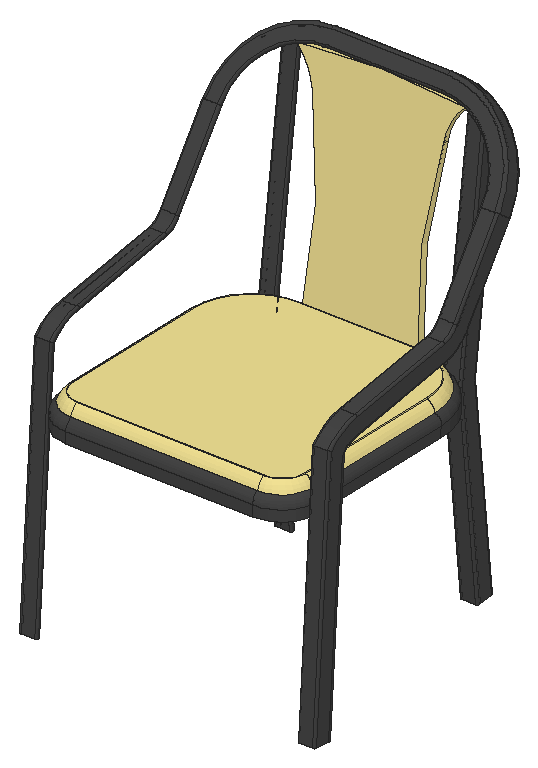
Revit family
Parameters (values of type "565 x 565 mm")
  Chair Material = Plastic
  Cushion Material = Upholstry
Reference planes
  plane 1 "Center (Front/Back)": y = 0
  plane 2: z = 0
  plane 3 "Center (Left/Right)": x = 0
Forms (mm)
  Sweep 1, solid, material "Plastic" <- "Chair Material"
    path origin (0, 0, 0) x (0, 1, 0) y (0, 0, 1)
      loop
        line (-284.232, 0) -> (-245.356, 555.953)
        arc (-245.356, 555.953) -> (-215.999, 576.452) -> (-181.839, 587.183) r 117.777
        line (-181.839, 587.183) -> (55.206, 624.727)
        arc (55.206, 624.727) -> (78.356, 634.04) -> (95.025, 652.609) r 55.102
        line (95.025, 652.609) -> (209.74, 816.439)
    profile origin (0, 18.055, 258.198) x (0, -0.997564, 0.069756) y (1, 0, 0)
      loop
        line (258.193, -321.441) -> (290.709, -321.441)
        arc (290.709, -321.441) -> (294.244, -319.977) -> (295.709, -316.441) r 5
        line (295.709, -316.441) -> (295.709, -286.46)
        arc (295.709, -286.46) -> (291.709, -282.46) -> (287.709, -286.46) r 4
        line (287.709, -286.46) -> (287.709, -310.956)
        arc (287.709, -310.956) -> (286.981, -312.713) -> (285.224, -313.441) r 2.485
        line (285.224, -313.441) -> (258.193, -313.441)
        arc (258.193, -313.441) -> (254.193, -317.441) -> (258.193, -321.441) r 4
  Sweep 2, solid, material "Plastic" <- "Chair Material"
    path origin (0, 0, 0) x (0, 1, 0) y (0, 0, -1)
      loop
        line (-284.232, 0) -> (-245.356, -555.953)
        arc (-245.356, -555.953) -> (-215.999, -576.452) -> (-181.839, -587.183) r 117.777
        line (-181.839, -587.183) -> (55.206, -624.727)
        arc (55.206, -624.727) -> (78.356, -634.04) -> (95.025, -652.609) r 55.102
        line (95.025, -652.609) -> (209.74, -816.439)
    profile origin (0, 18.055, 258.198) x (0, 0.997564, -0.069756) y (1, 0, 0)
      loop
        line (-258.193, 321.441) -> (-290.709, 321.441)
        arc (-290.709, 321.441) -> (-294.244, 319.977) -> (-295.709, 316.441) r 5
        line (-295.709, 316.441) -> (-295.709, 286.46)
        arc (-295.709, 286.46) -> (-291.709, 282.46) -> (-287.709, 286.46) r 4
        line (-287.709, 286.46) -> (-287.709, 310.956)
        arc (-287.709, 310.956) -> (-286.981, 312.713) -> (-285.224, 313.441) r 2.485
        line (-285.224, 313.441) -> (-258.193, 313.441)
        arc (-258.193, 313.441) -> (-254.193, 317.441) -> (-258.193, 321.441) r 4
  Sweep 3, solid, material "Plastic" <- "Chair Material"
    path origin (0, -407.334, 243.31) x (1, 0, 0) y (0, 0.573576, 0.819152)
      loop
        arc (-146.45, 823.419) -> (-140.563, 837.632) -> (-126.35, 843.519) r 20.1
        line (-126.35, 843.519) -> (126.35, 843.519)
        arc (126.35, 843.519) -> (140.563, 837.632) -> (146.45, 823.419) r 20.1
    profile origin (331.37, 190.066, 271.442) x (-0.707107, 0.40558, 0.579228) y (0, -0.819152, 0.573576)
      loop
        line (842.696, 273.33) -> (842.696, 303.99)
        arc (842.696, 303.99) -> (839.565, 307.395) -> (835.113, 308.65) r 8.479
        line (835.113, 308.65) -> (807.628, 308.65)
        arc (807.628, 308.65) -> (803.628, 304.65) -> (807.628, 300.65) r 4
        line (807.628, 300.65) -> (830.11, 300.65)
        arc (830.11, 300.65) -> (833.313, 299.524) -> (834.696, 296.424) r 4.293
        line (834.696, 296.424) -> (834.696, 273.33)
        arc (834.696, 273.33) -> (838.696, 269.33) -> (842.696, 273.33) r 4
  Sweep 4, solid, material "Plastic" <- "Chair Material"
    path origin (-40, 105, 0) x (0, 1, 0) y (0, 0, -1)
      loop
        line (218.01, -935.701) -> (151.519, -440) -> (197.764, 0)
    profile origin (0, 95.757, 713.874) x (0, -0.991123, 0.132946) y (1, 0, 0)
      loop
        arc (-200.765, 221.488) -> (-204.032, 217.438) -> (-200.765, 213.388) r 4.143
        line (-200.765, 213.388) -> (-172.657, 213.388)
        arc (-172.657, 213.388) -> (-170.919, 212.668) -> (-170.199, 210.93) r 2.459
        line (-170.199, 210.93) -> (-170.199, 186.404)
        arc (-170.199, 186.404) -> (-166.211, 182.417) -> (-162.223, 186.404) r 3.988
        line (-162.223, 186.404) -> (-162.223, 216.429)
        arc (-162.223, 216.429) -> (-163.705, 220.006) -> (-167.283, 221.488) r 5.059
        line (-167.283, 221.488) -> (-200.765, 221.488)
  Extrusion 5, solid, material "Upholstry" <- "Cushion Material"
    sketch origin (0, -88.33, 30.929) x (1, 0, 0) y (0, 0.120137, 0.992757)
      loop
        arc (-183.704, 950.307) -> (-155.52, 915.464) -> (-142.394, 872.615) r 117.765
        arc (-142.394, 872.615) -> (-115.39, 671.665) -> (-125.602, 469.167) r 1103.681
        line (-125.602, 469.167) -> (125.602, 469.167)
        arc (125.602, 469.167) -> (115.39, 671.665) -> (142.394, 872.615) r 1103.681
        arc (142.394, 872.615) -> (155.52, 915.464) -> (183.704, 950.307) r 117.765
        arc (183.704, 950.307) -> (0, 961.07) -> (-183.704, 950.307) r 1573.132
    from -273.339 to -260.611
  Sweep 6, solid, material "Plastic" <- "Chair Material"
    path origin (40, 105, 0) x (0, 1, 0) y (0, 0, 1)
      loop
        line (218.01, 935.701) -> (151.519, 440) -> (197.764, 0)
    profile origin (0, 95.757, 713.874) x (0, 0.991123, -0.132946) y (1, 0, 0)
      loop
        arc (200.765, -221.488) -> (204.032, -217.438) -> (200.765, -213.388) r 4.143
        line (200.765, -213.388) -> (172.657, -213.388)
        arc (172.657, -213.388) -> (170.919, -212.668) -> (170.199, -210.93) r 2.459
        line (170.199, -210.93) -> (170.199, -186.404)
        arc (170.199, -186.404) -> (166.211, -182.417) -> (162.223, -186.404) r 3.988
        line (162.223, -186.404) -> (162.223, -216.429)
        arc (162.223, -216.429) -> (163.705, -220.006) -> (167.283, -221.488) r 5.059
        line (167.283, -221.488) -> (200.765, -221.488)
  Sweep 7, solid, material "Plastic" <- "Chair Material"
    path origin (0, 0, 420) x (-1, 0, 0) y (0, -1, 0)
      loop
        line (282.5, -93.553) -> (282.5, 237.5)
        arc (282.5, 237.5) -> (259.069, 294.069) -> (202.5, 317.5) r 80
        line (202.5, 317.5) -> (-202.5, 317.5)
        arc (-202.5, 317.5) -> (-259.069, 294.069) -> (-282.5, 237.5) r 80
        line (-282.5, 237.5) -> (-282.5, -93.553)
        arc (-282.5, -93.553) -> (-237.41, -202.41) -> (-128.553, -247.5) r 153.947
        line (-128.553, -247.5) -> (128.553, -247.5)
        arc (128.553, -247.5) -> (237.41, -202.41) -> (282.5, -93.553) r 153.947
    profile origin (0, -71.974, 0) x (1, 0, 0) y (0, 0, 1)
      loop
        line (-282.5, 420) -> (-276.5, 420) -> (-276.5, 442.541)
        arc (-276.5, 442.541) -> (-274.613, 450.973) -> (-269.355, 457.83) r 20.061
        line (-269.355, 457.83) -> (-269.355, 465.115)
        arc (-269.355, 465.115) -> (-278.993, 455.538) -> (-282.5, 442.411) r 26.061
        line (-282.5, 442.411) -> (-282.5, 420)
  Sweep 8, solid, material "Upholstry" <- "Cushion Material"
    path origin (0, 0, 420) x (-1, 0, 0) y (0, -1, 0)
      loop
        arc (269.355, 237.5) -> (249.773, 284.773) -> (202.5, 304.355) r 66.855
        line (202.5, 304.355) -> (-202.5, 304.355)
        arc (-202.5, 304.355) -> (-249.773, 284.773) -> (-269.355, 237.5) r 66.855
        line (-269.355, 237.5) -> (-269.355, -93.553)
        arc (-269.355, -93.553) -> (-228.115, -193.115) -> (-128.553, -234.355) r 140.802
        line (-128.553, -234.355) -> (128.553, -234.355)
        arc (128.553, -234.355) -> (228.115, -193.115) -> (269.355, -93.553) r 140.802
        line (269.355, -93.553) -> (269.355, 237.5)
    profile origin (0, -71.974, 0) x (-1, 0, 0) y (0, 0, 1)
      loop
        line (252.291, 487.064) -> (252.291, 465.115) -> (269.355, 465.115)
        arc (269.355, 465.115) -> (262.614, 477.482) -> (252.291, 487.064) r 43.711
  Extrusion 9, solid, material "Upholstry" <- "Cushion Material"
    sketch origin (0, 0, 420) x (-1, 0, 0) y (0, -1, 0)
      loop
        arc (252.291, 237.5) -> (237.708, 272.708) -> (202.5, 287.291) r 49.791
        line (202.5, 287.291) -> (-202.5, 287.291)
        arc (-202.5, 287.291) -> (-237.708, 272.708) -> (-252.291, 237.5) r 49.791
        line (-252.291, 237.5) -> (-252.291, -93.553)
        arc (-252.291, -93.553) -> (-216.049, -181.049) -> (-128.553, -217.291) r 123.739
        line (-128.553, -217.291) -> (128.553, -217.291)
        arc (128.553, -217.291) -> (216.049, -181.049) -> (252.291, -93.553) r 123.739
        line (252.291, -93.553) -> (252.291, 237.5)
    from 37.83 to 67.064
Lines and regions (mm)
  symbolic lines
    curve 1: line (-202.5, -317.5, 0) -> (202.5, -317.5, 0)
    curve 2: arc (202.5, -317.5, 0) -> (259.069, -294.069, 0) -> (282.5, -237.5, 0) r 80
    curve 3: line (282.5, -237.5, 0) -> (282.5, 93.553, 0)
    curve 4: arc (282.5, 93.553, 0) -> (237.41, 202.41, 0) -> (128.553, 247.5, 0) r 153.947
    curve 5: line (128.553, 247.5, 0) -> (-128.553, 247.5, 0)
    curve 6: arc (-128.553, 247.5, 0) -> (-237.41, 202.41, 0) -> (-282.5, 93.553, 0) r 153.947
    curve 7: line (-282.5, 93.553, 0) -> (-282.5, -237.5, 0)
    curve 8: arc (-282.5, -237.5, 0) -> (-259.069, -294.069, 0) -> (-202.5, -317.5, 0) r 80
    curve 9: line (321.441, -258.947, 0) -> (321.441, 203.083, 0)
    curve 10: line (-321.441, -258.947, 0) -> (-321.441, 189.788, 0)
    curve 11: arc (-321.441, 189.788, 0) -> (-282.332, 291.179, 0) -> (-185.265, 340.043, 0) r 150.983
    curve 12: line (-185.265, 340.043, 0) -> (189.735, 340.043, 0)
    curve 13: arc (321.441, 189.788, 0) -> (282.332, 291.179, 0) -> (185.265, 340.043, 0) r 150.983
    curve 14: line (-321.441, -258.947, 0) -> (-279.571, -258.947, 0)
    curve 15: line (321.441, -258.947, 0) -> (279.571, -258.947, 0)
    curve 16: line (-282.207, 84.657, 0) -> (-282.207, 199.772, 0)
    curve 17: line (282.207, 84.657, 0) -> (282.207, 199.772, 0)
    curve 18: arc (-282.207, 199.772, 0) -> (-238.12, 263.87, 0) -> (-164.353, 288.582, 0) r 122.719
    curve 19: arc (282.207, 199.772, 0) -> (238.12, 263.87, 0) -> (164.353, 288.582, 0) r 122.719
    curve 20: line (-164.353, 288.582, 0) -> (164.353, 288.582, 0)
Dimensions and locks
  locked: Sweep 7 to Sweep 7 at 565
  aligned and locked: level to Sweep 1 sketch curve
  aligned and locked: Sweep 2 sketch curve to level
  aligned and locked: Sweep 8 sketch curve to Sweep 7  (x8)
  aligned and locked: Extrusion 9 sketch curve to Sweep 8  (x8)
  aligned and locked: curve 1 to Sweep 7
  aligned and locked: curve 2 to Sweep 7
  aligned and locked: curve 3 to Sweep 7
  aligned and locked: curve 4 to Sweep 7
  aligned and locked: curve 5 to Sweep 7
  aligned and locked: curve 6 to Sweep 7
  aligned and locked: curve 7 to Sweep 7
  aligned and locked: curve 8 to Sweep 7
  aligned and locked: Sweep 2 to curve 9
  aligned and locked: Sweep 1 to curve 10
